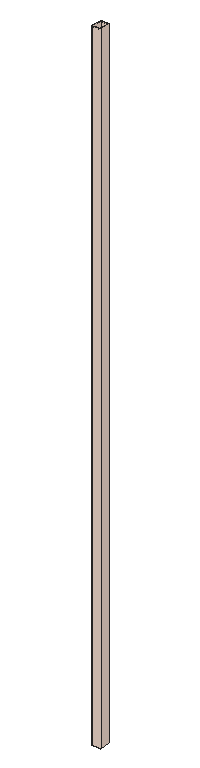
Revit family "SQ-BAR4050", category 機械設備, Revit 2020
Family settings
  丸型コネクタ寸法 = 直径を使用
  種別 = なし
  パーツ タイプ = 標準
  作業面ベース = いいえ
  常に垂直 = はい
  ロード時にボイドで切り取り = いいえ
  共有 = いいえ
  部屋計算ポイント = いいえ
Parameters
  製造元 = "株式会社桐井製作所"
  既定の高さ = 0 mm
  URL = "https://www.kirii.co.jp/"
  K_長さ(mm) [instance] = 3000 mm
  K_材質 = "SGCC　一般用"
  K_断面積A(mm2) = 85.4
  K_断面係数Zy(mm3) = 1109
  K_断面係数Zx(mm3) = 1193
  K_断面2次半径iy(mm) = 16.7
  K_断面2次半径ix(mm) = 18.7
  K_断面2次モーメントIy(mm4) = 23830
  K_断面2次モーメントIx(mm4) = 29840
  K_外形寸法(mm) = "□40×50"
  K_品名 = "SQ-BAR4050"
  K_名称 = "角型スタッド"
  K_単位質量(kg/m) = 0.694
  K_ヤング係数E(N/mm2) = 205000
  K_バージョン情報 = "20210524"
  K_めっき付着量 = "Z08"
  K_JIS規格 = "JIS G 3302"
Reference planes
  plane 1 "中心(正面/背面)": y = 0
  plane 2: z = 0
  plane 3 "中心(左/右)": x = 0
  plane 4: x = 20
  plane 5: x = -20
  plane 6: y = 25
  plane 7: z = 3000
  plane 8: y = -25
Forms (mm)
  Extrusion 1, solid
    sketch origin (0.5, -20, 0) x (1, 0, 0) y (0, 1, 0)
      loop
        line (-20.5, 45) -> (-20.5, -5) -> (19.5, -5) -> (19.5, 45) -> (-20.5, 45)
      loop
        line (-20, 44.5) -> (-20, -4.5) -> (19, -4.5) -> (19, 44.5) -> (-20, 44.5)
    from 0 to 3000
Dimensions and locks
  locked: Extrusion 1 sketch curve to Extrusion 1 sketch curve at 0.5  (x4)
  "K_長さ(mm)": plane 7 to level
  aligned and locked: level to plane 2
  aligned and locked: Extrusion 1 sketch curve to plane 6
  aligned and locked: plane 7 to Extrusion 1
  aligned and locked: plane 6 to Extrusion 1
  aligned and locked: Extrusion 1 to plane 8
  aligned and locked: Extrusion 1 to plane 5
  aligned and locked: plane 4 to Extrusion 1
Automatic sketch dimensions
  Extrusion 1 sketch curve to plane 4 = 0.5 mm
  plane 5 to Extrusion 1 sketch curve = 0.5 mm
  plane 1 "中心(正面/背面)" to Extrusion 1 sketch curve = 24.5 mm
